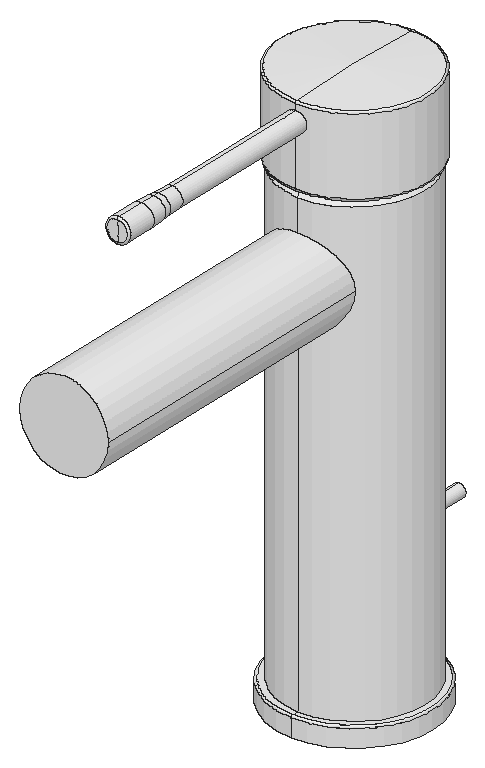
Revit family "Faucet-Lavatory-Grohe-Essence_New-32216_Series", category Plumbing Fixtures, Revit 2014
Parameters (values of type "32216001")
  cUPC Compliant = yes
  Width = 7 7/8"  # constant formula
  Waste Connection = no
  Warranty Documentation Link = "https://cdn.cloud.grohe.com/tpi/1000/1900/1940/1949/1949006/original/1949006.pdf"
  WFU = 0
  Vent Connection = no
  URL = "http://www.grohe.com/ca-en/"
  Shipping Weight = 3.28 lbf
  Product Page URL = "https://www.grohe.com/us/32124/bathroom/bathroom-faucets/essence-new/product-details/?product=32216-G412&color=001&material=32216001"
  Price = "Prices may vary. Please consult Manufacturer Representative for most up-to-date price list."  # constant formula
  Model = "32216001"
  Material = "Metal-Grohe-001-Chrome"
  Manufacturer = "Grohe"
  Length = 3 11/16"  # constant formula
  Installation Type = "Deck-Mounted"
  Hot Water Connection Diameter = 3/8"
  Height = 6 7/8"  # constant formula
  HWFU = 1.5
  HW Connection = yes
  Flow Rate = "1.5 gpm (5.7 L/min)"
  Finish = Metal-Grohe-001-Chrome
  Description = "Essence New Lavatory Centerset S-Size"  # constant formula
  Default Elevation = 0"
  Creation Date = "1/27/2017"  # constant formula
  Cold Water Connection Diameter = 3/8"
  CalGreen Compliant = yes
  CWFU = 1.5
  CW Connection = yes
  Assembly Code = "D2020300"
Types (5): name | Product Page URL | Model | Material | Flow Rate | Finish
  (no name) | "https://www.grohe.com/us/32124/bathroom/bathroom-faucets/essence-new/product-details/?product=32216-G412&color=001&material=32216001" | "32216001" | "Metal-Grohe-001-Chrome" | "1.5 gpm (5.7 L/min)" | Metal-Grohe-001-Chrome
  32216001 | "https://www.grohe.com/us/32124/bathroom/bathroom-faucets/essence-new/product-details/?product=32216-G412&color=001&material=32216001" | "32216001" | "Metal-Grohe-001-Chrome" | "1.5 gpm (5.7 L/min)" | Metal-Grohe-001-Chrome
  3221600A | "https://www.grohe.com/us/32124/bathroom/bathroom-faucets/essence-new/product-details/?product=32216-G412&color=00A&material=3221600A" | "3221600A" | "Metal-Grohe-00A-Chrome" | "1.2 gpm (4.56 L/min)" | Metal-Grohe-00A-Chrome
  32216EN1 | "https://www.grohe.com/us/32124/bathroom/bathroom-faucets/essence-new/product-details/?product=32216-G412&color=EN1&material=32216EN1" | "32216EN1" | "Metal-Grohe-EN1-Brushed Nickel" | "1.5 gpm (5.7 L/min)" | Metal-Grohe-EN1-Brushed Nickel
  32216ENA | "https://www.grohe.com/us/32124/bathroom/bathroom-faucets/essence-new/product-details/?product=32216-G412&color=ENA&material=32216ENA" | "32216ENA" | "Metal-Grohe-ENA-Brushed Nickel" | "1.2 gpm (4.56 L/min)" | Metal-Grohe-ENA-Brushed Nickel
Reference planes (in)
  plane 1 "Center (Front/Back)": y = 0
  plane 2: z = 0
  plane 3 "Center (Left/Right)": x = 0
  plane 4: x = -0.9375
  plane 5: x = 0.9375
  plane 6: z = 1.55635
  plane 7: z = 6.875
  plane 8: y = -3.6875
  plane 9: z = 4
  plane 10: z = 5.39394
  plane 11: z = 4.32994
  plane 12: z = 4.86194
Forms (in)
  Sweep 1, solid, material "Metal-Grohe-001-Chrome" <- "Finish"
    path origin (0, 0.35937, 0.34375) x (0, 1, 0) y (0, 0, 1)
      loop
        line (1.21055, 1.2126) -> (0.76382, 1.2126)
        arc (0.76382, 1.2126) -> (0.65784, 1.17918) -> (0.5902, 1.09102) r 0.18477
        line (0.5902, 1.09102) -> (0.15396, -0.10753)
    profile origin (0, 1.34656, 1.55635) x (0, 0, -1) y (1, 0, 0)
      loop
        circle (0, 0) r 0.07813
  Revolve 2, solid, material "Metal-Grohe-001-Chrome" <- "Finish"
    sketch origin (0, 0, 0) x (0, 1, 0) y (0, 0, 1)
      loop
        line (0.94466, 0) -> (0.94466, 0.21429)
        arc (0.94466, 0.21429) -> (0.93824, 0.2298) -> (0.92273, 0.23622) r 0.02193
        line (0.92273, 0.23622) -> (0.84646, 0.23622) -> (0.84646, 5.77008)
        arc (0.84646, 5.77008) -> (0.81858, 5.81389) -> (0.7882, 5.856) r 0.89139
        line (0.7882, 5.856) -> (0.86458, 5.856)
        arc (0.86458, 5.856) -> (0.8796, 5.86222) -> (0.88583, 5.87725) r 0.02125
        line (0.88583, 5.87725) -> (0.88583, 6.79573)
        arc (0.88583, 6.79573) -> (0.87947, 6.8119) -> (0.86381, 6.8194) r 0.02373
        arc (0.86381, 6.8194) -> (0.43218, 6.84285) -> (0, 6.8508) r 12.0472
        line (0, 6.8508) -> (0, 0) -> (0.94466, 0)
      axis (0, 6.8508) -> (0, 0)
    angle from 0 to 360
  Revolve 3, solid, material "Metal-Grohe-001-Chrome" <- "Finish"
    sketch origin (0, 0, 0) x (0, 1, 0) y (0, 0, 1)
      loop
        line (-3.56299, 6.60469) -> (-3.56299, 6.48028)
        arc (-3.56299, 6.48028) -> (-3.5568, 6.46534) -> (-3.54186, 6.45915) r 0.02113
        line (-3.54186, 6.45915) -> (-3.1981, 6.45915)
        arc (-3.1981, 6.45915) -> (-3.10766, 6.46112) -> (-3.0174, 6.46704) r 2.07338
        line (-3.0174, 6.46704) -> (-2.93648, 6.47412)
        arc (-2.93648, 6.47412) -> (-2.83635, 6.48068) -> (-2.73603, 6.48287) r 2.29989
        line (-2.73603, 6.48287) -> (-0.47109, 6.48287) -> (-0.47109, 6.60469) -> (-3.56299, 6.60469)
      axis (-3.56299, 6.60469) -> (-0.47109, 6.60469)
    angle from 0 to 360
  Extrusion 4, solid, material "Metal-Grohe-001-Chrome" <- "Finish"
    sketch origin (0, 0, 0) x (1, 0, 0) y (0, 1, 0)
      loop
        circle (-0.32883, 0) r 0.1875
      loop
        circle (0.32883, 0) r 0.1875
    from 0 to 1.64416
  Extrusion 5, solid, material "Metal-Grohe-001-Chrome" <- "Finish"
    sketch origin (0, 0, 0) x (1, 0, 0) y (0, 0, 1)
      loop
        circle (0, 4.86194) r 0.532
    from 0 to 4.35908
  Extrusion 6, void
    sketch origin (0, 0, 0) x (0, 1, 0) y (0, 0, 1)
      loop
        arc (-3.40498, 4.266) -> (-3.51108, 4.33732) -> (-3.61405, 4.4131) r 2.99972
        arc (-3.61405, 4.4131) -> (-3.6922, 4.45052) -> (-3.7788, 4.45298) r 0.20869
        arc (-3.7788, 4.45298) -> (-4.06496, 4.37938) -> (-4.33782, 4.266) r 2.08091
        line (-4.33782, 4.266) -> (-3.40498, 4.266)
    from -0.3774 to 0.46025
  Revolve 7, solid, material "Metal-Grohe-001-Chrome" <- "Finish"
    sketch origin (0, -0.07813, 0.0625) x (0, 1, 0) y (0, 0, 1)
      loop
        line (-3.6875, 4.37008) -> (-3.5087, 4.24488)
        arc (-3.5087, 4.24488) -> (-3.49303, 4.24141) -> (-3.47948, 4.25004) r 0.02098
        line (-3.47948, 4.25004) -> (-3.3027, 4.50251) -> (-3.49868, 4.63974) -> (-3.6875, 4.37008)
      axis (-3.6875, 4.37008) -> (-3.49868, 4.63974)
    angle from 0 to 360
Cuts and joins
  Extrusion 6 cuts Extrusion 5
  joined: Sweep 1, Revolve 2, Revolve 3, Extrusion 4, Extrusion 5, Revolve 7
Lines and regions (in)
  Masking region 1
    outline origin (0, 0, 0) x (1, 0, 0) y (0, 1, 0)
      loop
        line (-0.5308, -0.78144) -> (-0.5308, -4.33593)
        arc (-0.5308, -4.33593) -> (-0.52449, -4.35116) -> (-0.50926, -4.35747) r 0.02154
        line (-0.50926, -4.35747) -> (0.50736, -4.35747)
        arc (0.50736, -4.35747) -> (0.52393, -4.3506) -> (0.5308, -4.33403) r 0.02344
        line (0.5308, -4.33403) -> (0.5308, -0.78144)
        arc (0.5308, -0.78144) -> (0.91365, 0.24006) -> (0.07813, 0.94143) r 0.94466
        line (0.07813, 0.94143) -> (0.07813, 1.56992) -> (-0.07812, 1.56992) -> (-0.07812, 0.94143)
        arc (-0.07812, 0.94143) -> (-0.91365, 0.24006) -> (-0.5308, -0.78144) r 0.94466
  symbolic lines, detail levels medium+fine
    curve 1: line (-0.07812, 0.84284, 0) -> (-0.07812, 0.94143, 0)
    curve 2: line (0.07812, 0.84284, 0) -> (0.07812, 0.94143, 0)
    curve 3: arc (0.12187, -0.83764, 0) -> (0.84617, 0.02203, 0) -> (0.07812, 0.84284, 0) r 0.84646
    curve 4: line (-0.12187, -2.69652, 0) -> (-0.12187, -0.83764, 0)
    curve 5: line (-0.14274, -3.54534, 0) -> (-0.14274, -3.17226, 0)
    curve 6: arc (-0.14274, -3.17226, 0) -> (-0.13927, -3.03942, 0) -> (-0.12884, -2.90695, 0) r 2.53818
    curve 7: arc (-0.12884, -2.90695, 0) -> (-0.12361, -2.80179, 0) -> (-0.12187, -2.69652, 0) r 3.17964
    curve 8: arc (-0.1251, -3.56299, 0) -> (-0.13757, -3.55782, 0) -> (-0.14274, -3.54534, 0) r 0.01765
    curve 9: line (0.12187, -2.69652, 0) -> (0.12187, -0.83764, 0)
    curve 10: line (0.14274, -3.54534, 0) -> (0.14274, -3.17226, 0)
    curve 11: arc (0.14274, -3.17226, 0) -> (0.13927, -3.03942, 0) -> (0.12884, -2.90695, 0) r 2.53818
    curve 12: arc (0.12884, -2.90695, 0) -> (0.12361, -2.80179, 0) -> (0.12187, -2.69652, 0) r 3.17964
    curve 13: line (-0.1251, -3.56299, 0) -> (0.1251, -3.56299, 0)
    curve 14: arc (0.1251, -3.56299, 0) -> (0.13757, -3.55782, 0) -> (0.14274, -3.54534, 0) r 0.01765
    curve 15: arc (0.07812, 0.84284, 0) -> (0, 0.84646, 0) -> (-0.07812, 0.84284, 0) r 0.84646
    curve 16: arc (-0.07812, 0.84284, 0) -> (-0.84617, 0.02203, 0) -> (-0.12187, -0.83764, 0) r 0.84646
    curve 18: line (-0.5308, -0.78144, 0) -> (-0.5308, -0.65935, 0)
    curve 19: line (0.5308, -0.78144, 0) -> (0.5308, -0.65935, 0)
  symbolic lines, detail levels fine
    curve 17: arc (-0.12187, -0.83764, 0) -> (0, -0.84646, 0) -> (0.12187, -0.83764, 0) r 0.84646
Dimensions and locks (in)
  equal spacing: plane 4, plane 3 "Center (Left/Right)", plane 5
  locked: plane 4 to plane 5 at 1.875
  "Height": plane 7 to level
  "Length": plane 1 "Center (Front/Back)" to plane 8
  locked: plane 9 to level at 4
  equal spacing: plane 10, plane 12, plane 11
  "Hot Water Connection Diameter": diameter of Extrusion 4 sketch curve
  "Cold Water Connection Diameter": diameter of Extrusion 4 sketch curve
  aligned and locked: plane 6 to Sweep 1 sketch curve
Automatic sketch dimensions
  Sweep 1 sketch curve to plane 3 "Center (Left/Right)" = 0"
  Sweep 1 sketch curve to profile plane = 0"
  Revolve 2 sketch curve to plane 1 "Center (Front/Back)" = 0"  (x2)
  Revolve 2 sketch curve to level = 0"
  plane 1 "Center (Front/Back)" to Revolve 2 sketch curve = 0.00539"
  Revolve 2 sketch curve to plane 1 "Center (Front/Back)" = 0.08079"
  Revolve 2 sketch curve to Revolve 2 sketch curve = 0.05825"
  Revolve 2 sketch curve to Revolve 2 sketch curve = 0.07637"
  Revolve 2 sketch curve to Revolve 2 sketch curve = 0.02373"
  Revolve 2 sketch curve to Revolve 2 sketch curve = 0.07627"
  Revolve 2 sketch curve to Revolve 2 sketch curve = 0.02193"
  Revolve 2 sketch curve to level = 5.1964"
  level to Revolve 2 sketch curve = 0.21429"
  Revolve 2 sketch curve to Revolve 2 sketch curve = 0.31058"
  Revolve 2 sketch curve to Revolve 2 sketch curve = 1/4"
  Revolve 3 sketch curve to Revolve 3 sketch curve = 0.02113"
  Revolve 3 sketch curve to Revolve 3 sketch curve = 11/32"
  Revolve 3 sketch curve to Revolve 3 sketch curve = 0.18071"
  Revolve 3 sketch curve to Revolve 3 sketch curve = 0.08092"
  plane 1 "Center (Front/Back)" to Revolve 3 sketch curve = 0.47109"
  Revolve 3 sketch curve to Revolve 3 sketch curve = 0.12612"
  Revolve 3 sketch curve to Revolve 3 sketch curve = 0.17382"
  Revolve 3 sketch curve to Revolve 3 sketch curve = 0"
  plane 6 to Sweep 1 sketch curve = 0.12157"
  plane 6 to Sweep 1 sketch curve = 0.18477"
  Sweep 1 sketch curve to Sweep 1 sketch curve = 0.44672"
  level to Sweep 1 sketch curve = 0.23622"
  Masking region 1 sketch curve to plane 4 = 0.42824"
  Masking region 1 sketch curve to plane 4 = 0.4067"
  plane 3 "Center (Left/Right)" to Masking region 1 sketch curve = 5/64"
  Masking region 1 sketch curve to plane 5 = 0.43014"
  Sweep 1 sketch curve to plane 1 "Center (Front/Back)" = 0.94957"
  Sweep 1 sketch curve to plane 1 "Center (Front/Back)" = 0.51334"
  Revolve 2 sketch curve to plane 1 "Center (Front/Back)" = 0.86209"
  plane 1 "Center (Front/Back)" to Extrusion 4 sketch curve = 0"  (x2)
  Extrusion 4 sketch curve to plane 3 "Center (Left/Right)" = 0.32883"
  plane 3 "Center (Left/Right)" to Extrusion 4 sketch curve = 0.32883"
  Masking region 1 sketch curve to Masking region 1 sketch curve = 3/128"
  Masking region 1 sketch curve to Masking region 1 sketch curve = 3.55259"
  Revolve 2 sketch curve to Revolve 2 sketch curve = 0.09762"
  Revolve 2 sketch curve to Revolve 2 sketch curve = 0.45643"
  Revolve 2 sketch curve to Revolve 2 sketch curve = 0.91848"
  Revolve 2 sketch curve to Revolve 2 sketch curve = 0.05507"
  Revolve 3 sketch curve to Revolve 3 sketch curve = 2.13882"
  Revolve 3 sketch curve to Revolve 3 sketch curve = 0.20045"
  Revolve 3 sketch curve to Revolve 3 sketch curve = 2.27617"
  Revolve 3 sketch curve to Revolve 3 sketch curve = 0.00789"
  Revolve 3 sketch curve to Revolve 3 sketch curve = 0.00708"
  Revolve 3 sketch curve to Revolve 3 sketch curve = 0.12441"
  Revolve 2 sketch curve to Revolve 2 sketch curve = 5.07744"
  level to Revolve 3 sketch curve = 4.18298"
  Extrusion 5 sketch curve to plane 3 "Center (Left/Right)" = 0"
  Extrusion 5 sketch curve to plane 12 = 0"
  plane 8 to Extrusion 6 sketch curve = 0.0538"
  Extrusion 6 sketch curve to plane 8 = 0.28263"
  Extrusion 6 sketch curve to plane 7 = 0.08434"
  plane 1 "Center (Front/Back)" to Extrusion 6 sketch curve = 1.78499"
  plane 11 to Extrusion 6 sketch curve = 0.08225"
  Extrusion 6 sketch curve to plane 9 = 1.59405"
  plane 8 to Extrusion 6 sketch curve = 0.0913"
  Extrusion 6 sketch curve to Extrusion 6 sketch curve = 0"  (x2)
  plane 11 to Extrusion 6 sketch curve = 0.06394"
  plane 8 to Revolve 7 sketch curve = 5/64"
  plane 11 to Revolve 7 sketch curve = 0.02256"
  Revolve 7 sketch curve to plane 8 = 0.10067"
  Revolve 7 sketch curve to plane 8 = 0.1107"
  Revolve 7 sketch curve to Revolve 7 sketch curve = 0.01203"
  plane 11 to Revolve 7 sketch curve = 0.0174"
  Revolve 7 sketch curve to Revolve 7 sketch curve = 0.01719"
  Revolve 7 sketch curve to plane 11 = 0.23507"
  plane 8 to Revolve 7 sketch curve = 0.05214"
  Revolve 7 sketch curve to plane 8 = 0.03951"
  Revolve 7 sketch curve to Revolve 7 sketch curve = 0.03711"
  Revolve 7 sketch curve to Revolve 7 sketch curve = 0.10167"
  Masking region 1 sketch curve to Masking region 1 sketch curve = 0.62849"
  plane 1 "Center (Front/Back)" to Masking region 1 sketch curve = 0"
  Masking region 1 sketch curve to Masking region 1 sketch curve = 0"  (x3)
  plane 1 "Center (Front/Back)" to Masking region 1 sketch curve = 0.78144"
  Masking region 1 sketch curve to plane 3 "Center (Left/Right)" = 5/64"
  Masking region 1 sketch curve to plane 3 "Center (Left/Right)" = 0"
  curve 3 to curve 15 = 0"  (x2)
  curve 3 to curve 16 = 0"  (x2)
  curve 3 to curve 17 = 0"  (x2)
  curve 15 to curve 16 = 0"  (x2)
  curve 15 to curve 17 = 0"  (x2)
  curve 16 to curve 17 = 0"  (x2)
  plane 1 "Center (Front/Back)" to curve 3 = 0"
  curve 3 to plane 3 "Center (Left/Right)" = 0"
  curve 1 to plane 3 "Center (Left/Right)" = 5/64"
  curve 4 to plane 3 "Center (Left/Right)" = 0.12187"
  curve 13 to plane 3 "Center (Left/Right)" = 0.1251"
  curve 5 to curve 8 = 0.01765"
  curve 11 to plane 8 = 0.51524"
  plane 4 to curve 11 = 1.45793"
  curve 7 to curve 11 = 0.90608"
  plane 3 "Center (Left/Right)" to curve 2 = 5/64"
  plane 3 "Center (Left/Right)" to curve 9 = 0.12187"
  plane 3 "Center (Left/Right)" to curve 13 = 0.1251"
  plane 3 "Center (Left/Right)" to curve 10 = 0.14274"
  curve 6 to plane 8 = 0.51524"
  plane 5 to curve 6 = 1.45793"
  curve 6 to curve 12 = 0.90608"
  curve 8 to plane 8 = 0.14216"
  curve 10 to curve 9 = 0.47573"
  curve 11 to curve 7 = 0.47573"
  plane 1 "Center (Front/Back)" to curve 4 = 0.83764"
  curve 18 to plane 4 = 0.4067"
  curve 19 to plane 5 = 0.4067"
  curve 19 to curve 19 = 0.12209"
  curve 18 to curve 18 = 0.12209"
  curve 1 to curve 1 = 0.09858"
  curve 2 to curve 2 = 0.09858"
  radius of Sweep 1 sketch curve = 5/64"
  radius of Extrusion 5 sketch curve = 0.532"
Connectors (in)
  piping at (-0.32883, 0, 0), diameter 0.375, driven by "HWFU", driven by "Hot Water Connection Diameter"
    settings: on Extrusion 4, index 1, connector inside diameter 24", connector length 0", flow factor 0, pipe flow 0 GPM, pressure drop 0.00 psi, fitting loss kfactor 0, connector angle 0.00°, fixture units 1.5, engagement length 0", angle of deflection 0.00°, flow configuration 3, flow direction 1, fitting loss method 0, system type 19, joint type 0, gender type 0, connector reference index -1, connector utility 0, adjustable connector no, is connector primary yes, connector description "3/8\" NPT HW Inlet"
  piping at (0.32883, 0, 0), diameter 0.375, driven by "CWFU", driven by "Cold Water Connection Diameter"
    settings: on Extrusion 4, index 2, connector inside diameter 24", connector length 0", flow factor 0, pipe flow 0 GPM, pressure drop 0.00 psi, fitting loss kfactor 0, connector angle 0.00°, fixture units 1.5, engagement length 0", angle of deflection 0.00°, flow configuration 3, flow direction 1, fitting loss method 0, system type 20, joint type 0, gender type 0, connector reference index -1, connector utility 0, adjustable connector no, is connector primary no, connector description "3/8\" NPT CW Inlet"
